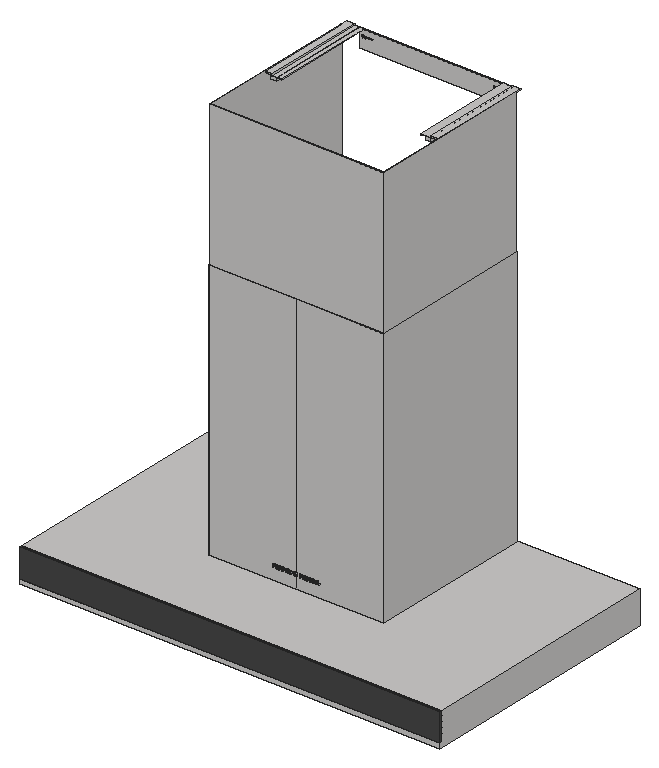
Revit family "FP_Revit_18_HC90BHOBX1_Rangehood_90001853A", category Specialty Equipment, Revit 2018
Family settings
  Round Connector Dimension = Use Diameter
  Part Type = Normal
  OmniClass Number = 23.40.40.00
  OmniClass Title = Food Service Equipment and Furnishings
  Work Plane-Based = No
  Always vertical = Yes
  Cut with Voids When Loaded = Yes
  Shared = No
  Room Calculation Point = No
Parameters
  Visibility - Upper Chimney Extension [instance] = yes
  URL = "www.fisherpaykel.com"
  Product - Width = 895 mm  # constant formula
  Product - Height (625mm - 930mm) [instance] = 930 mm
  Product - Depth = 545 mm  # constant formula
  Model = "HC90BHOBX1"
  Material - Glass = Fisher & Paykel - Black
  Material - Body = Fisher & Paykel - Stainless Steel
  Manufacturer = "Fisher & Paykel Appliances"
  FFL Offset [instance] = 1565 mm
  Description = "90cm Rangehood"
  Connector Description - Extraction = "180mm Semi Rigid Rangehood Ducting, 1080m³/hr"
  Connector Description - Electrical = "220 V, 50 Hz, 158 W"
  Chassis - Width = 374 mm  # constant formula
  Chassis - Height = 615 mm  # constant formula
  Chassis - Depth = 368 mm  # constant formula
Reference planes
  plane 1 "Datum": y = 0
  plane 2: z = 0
  plane 3 "Center (Left/Right)": x = 0
  plane 4 "Product LHS": x = -447.5
  plane 5 "Product RHS": x = 447.5
  plane 6 "Product - Depth": y = -545
  plane 7 "Cavity LHS": x = -187
  plane 8 "Cavity RHS": x = 187
  plane 9 "Chassis - Depth": y = -368
  plane 10 "FFL Offset": z = 1565
  plane 11 "Product - Height": z = 2495
Forms (mm)
  Extrusion 1, solid, material "Fisher & Paykel - Stainless Steel" <- "Material - Body"
    sketch origin (0, 0, 0) x (1, 0, 0) y (0, 1, 0)
      loop
        line (-168, -12.744) -> (-187, -12.744) -> (-187, -368) -> (0, -368) -> (187, -368) -> (187, -12.744) -> (168, -12.744) -> (168, -14.346) -> (186, -14.346) -> (186, -367) -> (-186, -367) -> (-186, -14.346) -> (-168, -14.346) -> (-168, -12.744)
    from 1635 to 2188.766
  Extrusion 2, solid, material "Fisher & Paykel - Stainless Steel" <- "Material - Body", visible <- "Visibility - Upper Chimney Extension"
    sketch origin (0, 0, 0) x (1, 0, 0) y (0, 1, 0)
      loop
        line (-185, -14.346) -> (-186, -14.346) -> (-186, -366) -> (186, -366) -> (186, -14.344) -> (185, -14.344) -> (185, -365.044) -> (-185, -365.044) -> (-185, -14.346)
    from 2170 to 2495
  Extrusion 3, solid, material "Fisher & Paykel - Stainless Steel" <- "Material - Body"
    sketch origin (0, 0, 0) x (1, 0, 0) y (0, 1, 0)
      loop
        line (186, -14.346) -> (-186, -14.346) -> (-186, -367) -> (186, -367) -> (186, -14.346)
    from 1635 to 2180
  Extrusion 4, solid, material "Fisher & Paykel - Stainless Steel" <- "Material - Body"
    sketch origin (0, 0, 0) x (1, 0, 0) y (0, 1, 0)
      loop
        circle (-76.343, -164.081) r 89.5
      loop
        circle (-76.343, -164.081) r 91.5
    from 2180 to 2203.263
  Extrusion 5, solid, material "Fisher & Paykel - Stainless Steel" <- "Material - Body"
    sketch origin (0, 0, 0) x (1, 0, 0) y (0, 0, 1)
      loop
        line (-157.8, 2491.4) -> (-157.8, 2451.7) -> (157.8, 2451.7) -> (157.8, 2491.4) -> (-157.8, 2491.4)
      loop
        line (150.15, 2480.2) -> (130.25, 2480.2)
        arc (130.25, 2480.2) -> (127.8, 2477.75) -> (130.25, 2475.3) r 2.45
        line (130.25, 2475.3) -> (150.15, 2475.3)
        arc (150.15, 2475.3) -> (152.6, 2477.75) -> (150.15, 2480.2) r 2.45
      loop
        arc (-150.15, 2480.2) -> (-152.6, 2477.75) -> (-150.15, 2475.3) r 2.45
        line (-150.15, 2475.3) -> (-130.25, 2475.3)
        arc (-130.25, 2475.3) -> (-127.8, 2477.75) -> (-130.25, 2480.2) r 2.45
        line (-130.25, 2480.2) -> (-150.15, 2480.2)
    from 0 to 1.044
  Extrusion 6, solid, material "Fisher & Paykel - Stainless Steel" <- "Material - Body"
    sketch origin (0, 0, 0) x (1, 0, 0) y (0, 0, 1)
      loop
        line (173.65, 2170.509) -> (-173.65, 2170.509) -> (-173.65, 2129.509) -> (173.65, 2129.509) -> (173.65, 2170.509)
      loop
        circle (162, 2150) r 2.5
      loop
        circle (112, 2150) r 2.5
      loop
        circle (-162, 2150) r 2.5
      loop
        circle (-112, 2150) r 2.5
    from 0 to 12.744
  Extrusion 7, solid, material "Fisher & Paykel - Stainless Steel" <- "Material - Body"
    sketch origin (0, 0, 0) x (1, 0, 0) y (0, 1, 0)
      loop
        circle (19.765, -344.708) r 3
    from 2180 to 2203.263
  Extrusion 8, void
    sketch origin (0, 0, 0) x (0, 1, 0) y (0, 0, 1)
      loop
        line (-496.3, 1565) -> (-32.1, 1565) -> (-34.808, 1584.265)
        arc (-34.808, 1584.265) -> (-35.771, 1586.077) -> (-37.673, 1586.846) r 3
        line (-37.673, 1586.846) -> (-472.926, 1602.15)
        arc (-472.926, 1602.15) -> (-477.943, 1600.83) -> (-481.397, 1596.959) r 9
        line (-481.397, 1596.959) -> (-496.3, 1565)
    from -378 to 378
  Extrusion 9, solid, material "Fisher & Paykel - Stainless Steel" <- "Material - Body", detail levels fine
    sketch origin (0, 0, 0) x (1, 0, 0) y (0, 0, 1)
      loop
        circle (400, 1605) r 9.985
      loop
        circle (400, 1605) r 4.003
      loop
        circle (-400, 1605) r 9.985
      loop
        circle (-400, 1605) r 4.003
    from 0 to 11.144
  Extrusion 10, solid, material "Fisher & Paykel - Stainless Steel" <- "Material - Body"
    sketch origin (0, 0, 0) x (0, 1, 0) y (0, 0, 1)
      loop
        line (-11.144, 1565) -> (-11.144, 1635) -> (-540, 1635) -> (-540, 1575) -> (-545, 1575) -> (-545, 1565) -> (-11.144, 1565)
    from -447.5 to 447.5
  Extrusion 11, solid, material "Fisher & Paykel - Black" <- "Material - Glass", detail levels medium+fine
    sketch origin (0, 0, 0) x (0, 1, 0) y (0, 0, 1)
      loop
        line (-540, 1635) -> (-545, 1635) -> (-545, 1575) -> (-540, 1575) -> (-540, 1635)
    from -447.5 to 447.5
  Extrusion 12, void
    sketch origin (0, 0, 0) x (1, 0, 0) y (0, 1, 0)
      loop
        arc (-426.25, -31.144) -> (-430.493, -32.901) -> (-432.25, -37.144) r 6
        line (-432.25, -37.144) -> (-432.25, -224.554)
        arc (-432.25, -224.554) -> (-430.493, -228.797) -> (-426.25, -230.554) r 6
        line (-426.25, -230.554) -> (-398.75, -230.554)
        arc (-398.75, -230.554) -> (-394.507, -228.797) -> (-392.75, -224.554) r 6
        line (-392.75, -224.554) -> (-392.75, -37.144)
        arc (-392.75, -37.144) -> (-394.507, -32.901) -> (-398.75, -31.144) r 6
        line (-398.75, -31.144) -> (-426.25, -31.144)
      loop
        arc (-426.25, -299.843) -> (-430.493, -301.6) -> (-432.25, -305.843) r 6
        line (-432.25, -305.843) -> (-432.25, -493.2)
        arc (-432.25, -493.2) -> (-430.493, -497.443) -> (-426.25, -499.2) r 6
        line (-426.25, -499.2) -> (-398.75, -499.2)
        arc (-398.75, -499.2) -> (-394.507, -497.443) -> (-392.75, -493.2) r 6
        line (-392.75, -493.2) -> (-392.75, -305.843)
        arc (-392.75, -305.843) -> (-394.507, -301.6) -> (-398.75, -299.843) r 6
        line (-398.75, -299.843) -> (-426.25, -299.843)
      loop
        line (426.25, -31.144) -> (398.75, -31.144)
        arc (398.75, -31.144) -> (394.507, -32.901) -> (392.75, -37.144) r 6
        line (392.75, -37.144) -> (392.75, -224.554)
        arc (392.75, -224.554) -> (394.507, -228.797) -> (398.75, -230.554) r 6
        line (398.75, -230.554) -> (426.25, -230.554)
        arc (426.25, -230.554) -> (430.493, -228.797) -> (432.25, -224.554) r 6
        line (432.25, -224.554) -> (432.25, -37.144)
        arc (432.25, -37.144) -> (430.493, -32.901) -> (426.25, -31.144) r 6
      loop
        line (426.25, -299.843) -> (398.75, -299.843)
        arc (398.75, -299.843) -> (394.507, -301.6) -> (392.75, -305.843) r 6
        line (392.75, -305.843) -> (392.75, -493.2)
        arc (392.75, -493.2) -> (394.507, -497.443) -> (398.75, -499.2) r 6
        line (398.75, -499.2) -> (426.25, -499.2)
        arc (426.25, -499.2) -> (430.493, -497.443) -> (432.25, -493.2) r 6
        line (432.25, -493.2) -> (432.25, -305.843)
        arc (432.25, -305.843) -> (430.493, -301.6) -> (426.25, -299.843) r 6
    from 1565 to 1581
  Extrusion 13, solid, material "Fisher & Paykel - Bezel White", detail levels fine
    sketch origin (0, 0, 0) x (1, 0, 0) y (0, 1, 0)
      loop
        arc (-426.25, -31.697) -> (-430.493, -33.454) -> (-432.25, -37.697) r 6
        line (-432.25, -37.697) -> (-432.25, -224.554)
        arc (-432.25, -224.554) -> (-430.493, -228.797) -> (-426.25, -230.554) r 6
        line (-426.25, -230.554) -> (-398.75, -230.554)
        arc (-398.75, -230.554) -> (-394.507, -228.797) -> (-392.75, -224.554) r 6
        line (-392.75, -224.554) -> (-392.75, -37.697)
        arc (-392.75, -37.697) -> (-394.507, -33.454) -> (-398.75, -31.697) r 6
        line (-398.75, -31.697) -> (-426.25, -31.697)
      loop
        arc (-426.25, -299.843) -> (-430.493, -301.6) -> (-432.25, -305.843) r 6
        line (-432.25, -305.843) -> (-432.25, -493.2)
        arc (-432.25, -493.2) -> (-430.493, -497.443) -> (-426.25, -499.2) r 6
        line (-426.25, -499.2) -> (-398.75, -499.2)
        arc (-398.75, -499.2) -> (-394.507, -497.443) -> (-392.75, -493.2) r 6
        line (-392.75, -493.2) -> (-392.75, -305.843)
        arc (-392.75, -305.843) -> (-394.507, -301.6) -> (-398.75, -299.843) r 6
        line (-398.75, -299.843) -> (-426.25, -299.843)
      loop
        line (426.25, -31.697) -> (398.75, -31.697)
        arc (398.75, -31.697) -> (394.507, -33.454) -> (392.75, -37.697) r 6
        line (392.75, -37.697) -> (392.75, -224.554)
        arc (392.75, -224.554) -> (394.507, -228.797) -> (398.75, -230.554) r 6
        line (398.75, -230.554) -> (426.25, -230.554)
        arc (426.25, -230.554) -> (430.493, -228.797) -> (432.25, -224.554) r 6
        line (432.25, -224.554) -> (432.25, -37.697)
        arc (432.25, -37.697) -> (430.493, -33.454) -> (426.25, -31.697) r 6
      loop
        line (426.25, -299.843) -> (398.75, -299.843)
        arc (398.75, -299.843) -> (394.507, -301.6) -> (392.75, -305.843) r 6
        line (392.75, -305.843) -> (392.75, -493.2)
        arc (392.75, -493.2) -> (394.507, -497.443) -> (398.75, -499.2) r 6
        line (398.75, -499.2) -> (426.25, -499.2)
        arc (426.25, -499.2) -> (430.493, -497.443) -> (432.25, -493.2) r 6
        line (432.25, -493.2) -> (432.25, -305.843)
        arc (432.25, -305.843) -> (430.493, -301.6) -> (426.25, -299.843) r 6
    from 1565 to 1581
  Extrusion 14, void
    sketch origin (0, 0, 0) x (0, 1, 0) y (0, 0, 1)
      loop
        arc (-202.686, 1675.769) -> (-212.45, 1678.103) -> (-222.214, 1675.769) r 21.592
        line (-222.214, 1675.769) -> (-356.998, 1607.435) -> (-356.998, 1598.042) -> (-72.102, 1587.947) -> (-72.102, 1607.435) -> (-202.686, 1675.769)
    from -175.959 to 177.082
  Extrusion 15, void
    sketch origin (0, 0, 0) x (1, 0, 0) y (0, 1, 0)
      loop
        arc (-192.559, -55.7) -> (-198.923, -58.336) -> (-201.559, -64.7) r 9
        line (-201.559, -64.7) -> (-201.559, -360.618)
        arc (-201.559, -360.618) -> (-198.923, -366.982) -> (-192.559, -369.618) r 9
        line (-192.559, -369.618) -> (192.559, -369.618)
        arc (192.559, -369.618) -> (198.923, -366.982) -> (201.559, -360.618) r 9
        line (201.559, -360.618) -> (201.559, -64.7)
        arc (201.559, -64.7) -> (198.923, -58.336) -> (192.559, -55.7) r 9
        line (192.559, -55.7) -> (-192.559, -55.7)
    from 1565 to 1605
  Extrusion 16, solid, material "Fisher & Paykel - Stainless Steel" <- "Material - Body", detail levels fine
    sketch origin (0, 0, 0) x (1, 0, 0) y (0, 1, 0)
      loop
        arc (-188.393, -57.967) -> (-196.083, -61.152) -> (-199.269, -68.843) r 10.876
        line (-199.269, -68.843) -> (-199.269, -356.511)
        arc (-199.269, -356.511) -> (-196.08, -364.211) -> (-188.38, -367.4) r 10.889
        line (-188.38, -367.4) -> (188.393, -367.4)
        arc (188.393, -367.4) -> (196.084, -364.215) -> (199.269, -356.524) r 10.876
        line (199.269, -356.524) -> (199.269, -68.867)
        arc (199.269, -68.867) -> (196.076, -61.159) -> (188.369, -57.967) r 10.9
        line (188.369, -57.967) -> (-188.393, -57.967)
      loop
        arc (-166.975, -78.469) -> (-173.791, -81.292) -> (-176.615, -88.109) r 9.64
        line (-176.615, -88.109) -> (-176.615, -337.082)
        arc (-176.615, -337.082) -> (-173.784, -343.916) -> (-166.951, -346.746) r 9.664
        line (-166.951, -346.746) -> (166.096, -346.746)
        arc (166.096, -346.746) -> (173.534, -343.665) -> (176.615, -336.227) r 10.519
        line (176.615, -336.227) -> (176.615, -88.988)
        arc (176.615, -88.988) -> (173.534, -81.55) -> (166.096, -78.469) r 10.519
        line (166.096, -78.469) -> (-166.975, -78.469)
    from 1565 to 1605
  Extrusion 17, solid, material "Fisher & Paykel - Stainless Steel" <- "Material - Body", detail levels fine
    sketch origin (0, 0, 0) x (0, 1, 0) y (0, 0, 1)
      loop
        line (-80.808, 1587.875) -> (-77.757, 1553) -> (-40.075, 1553) -> (-37.158, 1586.351) -> (-80.808, 1587.875)
    from -60 to 60.042
  Extrusion 18, solid, material "Fisher & Paykel - Stainless Steel" <- "Material - Body", detail levels fine
    sketch origin (0, 0, 0) x (1, 0, 0) y (0, 0, 1)
      loop
        line (-148.8, 2491.4) -> (-148.8, 2492.433) -> (-168.9, 2492.433) -> (-168.9, 2495) -> (-185.3, 2495) -> (-185.3, 2493) -> (-170.8, 2493) -> (-170.8, 2485.4) -> (-158.8, 2485.4) -> (-158.8, 2491.4) -> (-148.8, 2491.4)
      loop
        line (148.8, 2491.4) -> (158.8, 2491.4) -> (158.8, 2485.4) -> (170.8, 2485.4) -> (170.8, 2493) -> (185.3, 2493) -> (185.3, 2495) -> (168.9, 2495) -> (168.9, 2492.433) -> (148.8, 2492.433) -> (148.8, 2491.4)
    from 0 to 221
Cuts and joins
  Extrusion 8 cuts Extrusion 1
  Extrusion 8, Extrusion 14 cuts Extrusion 3
  Extrusion 8, Extrusion 12, Extrusion 14, Extrusion 15 cuts Extrusion 10
  joined: Extrusion 3, Extrusion 10
  Extrusion 8 cuts Extrusion 16
Text (mm)
  text "Due to ongoing product development, product details are subject to change without notice. \nPlease always refer to www.fisherpaykel.com for the most current product information. \n© Fisher & Paykel 2020" at (41.04, -1225.549, 0), in view "Ref. Level (Plan)"
Dimensions and locks
  equal spacing: plane 4 "Product LHS", plane 3 "Center (Left/Right)", plane 5 "Product RHS"
  equal spacing: plane 7 "Cavity LHS", plane 3 "Center (Left/Right)", plane 8 "Cavity RHS"
  locked: Extrusion 1 sketch curve to Extrusion 1 sketch curve at 1  (x3)
  locked: Extrusion 4 to plane 10 "FFL Offset" at 638.263
  "Chassis - Height": Extrusion 3 to plane 10 "FFL Offset"
  locked: plane 10 "FFL Offset" to Extrusion 6 at 564.509
  locked: plane 10 "FFL Offset" to Extrusion 6 at 605.509
  locked: Extrusion 12 to plane 10 "FFL Offset" at 16
  Extrusion 15 to plane 10 "FFL Offset" = 40 mm
  locked: Extrusion 2 to plane 11 "Product - Height" at 325
  locked: Extrusion 5 to plane 11 "Product - Height" at 43.3
  locked: Extrusion 5 to plane 11 "Product - Height" at 3.6
  locked: Extrusion 18 to plane 11 "Product - Height" at 9.6
  locked: Extrusion 18 to plane 11 "Product - Height" at 2
  equal spacing: cut or joined group of Extrusion 8, Extrusion 16, plane 3 "Center (Left/Right)", cut or joined group of Extrusion 8, Extrusion 16
  equal spacing: Extrusion 16 sketch curve, plane 3 "Center (Left/Right)", Extrusion 16 sketch curve
  "Product - Height (625mm - 930mm)": plane 11 "Product - Height" to plane 10 "FFL Offset"
  "FFL Offset": plane 10 "FFL Offset" to level
  locked: plane 10 "FFL Offset" to Extrusion 17 at 12
  locked: nested 1 to plane 10 "FFL Offset" at 95.155
  locked: cut or joined group of Extrusion 1, Extrusion 8 to plane 10 "FFL Offset" at 623.766
  "Product - Width": plane 4 "Product LHS" to plane 5 "Product RHS"
  "Chassis - Depth": plane 9 "Chassis - Depth" to plane 1 "Datum"
  "Chassis - Width": plane 7 "Cavity LHS" to plane 8 "Cavity RHS"
  "Product - Depth": plane 6 "Product - Depth" to plane 1 "Datum"
  locked: cut or joined group of Extrusion 3, Extrusion 8, Extrusion 10, Extrusion 12, Extrusion 14, Extrusion 15 to plane 10 "FFL Offset" at 70
  locked: cut or joined group of Extrusion 8, Extrusion 16 to plane 10 "FFL Offset" at 40
  aligned and locked: level to plane 2
  aligned and locked: Extrusion 1 sketch curve to plane 7 "Cavity LHS"
  aligned and locked: plane 8 "Cavity RHS" to Extrusion 1 sketch curve
  aligned and locked: plane 9 "Chassis - Depth" to Extrusion 1 sketch curve
  aligned and locked: Extrusion 1 to Extrusion 3
  aligned and locked: Extrusion 4 to Extrusion 3
  aligned and locked: Extrusion 9 to plane 1 "Datum"
  aligned and locked: plane 4 "Product LHS" to Extrusion 10
  aligned and locked: Extrusion 10 to plane 5 "Product RHS"
  aligned and locked: plane 4 "Product LHS" to Extrusion 11
  aligned and locked: Extrusion 11 to plane 5 "Product RHS"
  aligned and locked: Extrusion 12 to plane 10 "FFL Offset"
  aligned and locked: Extrusion 13 to plane 10 "FFL Offset"
  aligned and locked: Extrusion 15 to plane 10 "FFL Offset"
  aligned and locked: Extrusion 4 to cut or joined group of Extrusion 3, Extrusion 8, Extrusion 10, Extrusion 12, Extrusion 14, Extrusion 15
  aligned and locked: Extrusion 7 to cut or joined group of Extrusion 3, Extrusion 8, Extrusion 10, Extrusion 12, Extrusion 14, Extrusion 15
  aligned and locked: Extrusion 2 to plane 11 "Product - Height"
  aligned and locked: Extrusion 7 to Extrusion 4
  aligned and locked: Extrusion 18 to Extrusion 5
  aligned and locked: Extrusion 2 to Extrusion 18
  aligned and locked: Extrusion 5 to Extrusion 18
  aligned and locked: Extrusion 6 to plane 1 "Datum"
  aligned and locked: Extrusion 5 to plane 1 "Datum"
  aligned and locked: Extrusion 11 to plane 6 "Product - Depth"
  aligned and locked: Extrusion 9 to cut or joined group of Extrusion 3, Extrusion 8, Extrusion 10, Extrusion 12, Extrusion 14, Extrusion 15
  aligned and locked: cut or joined group of Extrusion 3, Extrusion 8, Extrusion 10, Extrusion 12, Extrusion 14, Extrusion 15 to plane 10 "FFL Offset"
  aligned and locked: plane 10 "FFL Offset" to Extrusion 13
  aligned and locked: cut or joined group of Extrusion 3, Extrusion 8, Extrusion 10, Extrusion 12, Extrusion 14, Extrusion 15 to Extrusion 11
  aligned and locked: Extrusion 11 to cut or joined group of Extrusion 3, Extrusion 8, Extrusion 10, Extrusion 12, Extrusion 14, Extrusion 15
  aligned and locked: Extrusion 13 to cut or joined group of Extrusion 3, Extrusion 8, Extrusion 10, Extrusion 12, Extrusion 14, Extrusion 15
  aligned and locked: cut or joined group of Extrusion 1, Extrusion 8 to cut or joined group of Extrusion 3, Extrusion 8, Extrusion 10, Extrusion 12, Extrusion 14, Extrusion 15
  aligned and locked: Extrusion 16 to plane 10 "FFL Offset"
  aligned and locked: cut or joined group of Extrusion 3, Extrusion 8, Extrusion 10, Extrusion 12, Extrusion 14, Extrusion 15 to cut or joined group of Extrusion 8, Extrusion 16
  aligned and locked: Extrusion 8 to Extrusion 15
Automatic sketch dimensions
  Extrusion 3 sketch curve to plane 7 "Cavity LHS" = 1 mm
  plane 8 "Cavity RHS" to Extrusion 3 sketch curve = 1 mm
  plane 9 "Chassis - Depth" to Extrusion 3 sketch curve = 1 mm
  plane 1 "Datum" to Extrusion 3 sketch curve = 14.346 mm
  Extrusion 4 sketch curve to Extrusion 4 sketch curve = 0 mm  (x2)
  Extrusion 4 sketch curve to plane 3 "Center (Left/Right)" = 76.343 mm
  plane 1 "Datum" to Extrusion 4 sketch curve = 164.081 mm
  plane 9 "Chassis - Depth" to Extrusion 15 sketch curve = 7.382 mm  (x2)
  plane 7 "Cavity LHS" to Extrusion 15 sketch curve = 14.559 mm
  Extrusion 15 sketch curve to plane 9 "Chassis - Depth" = 1.618 mm
  plane 7 "Cavity LHS" to Extrusion 15 sketch curve = 5.559 mm
  Extrusion 15 sketch curve to plane 8 "Cavity RHS" = 5.559 mm  (x2)
  plane 1 "Datum" to Extrusion 15 sketch curve = 64.7 mm
  plane 8 "Cavity RHS" to Extrusion 7 sketch curve = 167.235 mm
  plane 1 "Datum" to Extrusion 7 sketch curve = 344.708 mm
  Extrusion 5 sketch curve to plane 7 "Cavity LHS" = 29.2 mm
  Extrusion 5 sketch curve to Extrusion 5 sketch curve = 7.65 mm  (x2)
  Extrusion 5 sketch curve to Extrusion 5 sketch curve = 19.9 mm  (x2)
  plane 11 "Product - Height" to Extrusion 5 sketch curve = 14.8 mm  (x2)
  plane 8 "Cavity RHS" to Extrusion 5 sketch curve = 56.75 mm
  Extrusion 5 sketch curve to Extrusion 5 sketch curve = 2.45 mm  (x2)
  Extrusion 5 sketch curve to Extrusion 5 sketch curve = 23.6 mm
  plane 11 "Product - Height" to Extrusion 5 sketch curve = 3.6 mm
  Extrusion 18 sketch curve to plane 11 "Product - Height" = 0 mm  (x2)
  Extrusion 18 sketch curve to plane 7 "Cavity LHS" = 1.7 mm
  Extrusion 18 sketch curve to plane 7 "Cavity LHS" = 16.2 mm
  Extrusion 18 sketch curve to Extrusion 18 sketch curve = 1.9 mm  (x2)
  Extrusion 18 sketch curve to Extrusion 18 sketch curve = 12 mm
  plane 11 "Product - Height" to Extrusion 18 sketch curve = 2.567 mm  (x2)
  Extrusion 18 sketch curve to Extrusion 18 sketch curve = 10 mm  (x2)
  plane 11 "Product - Height" to Extrusion 18 sketch curve = 3.6 mm
  plane 8 "Cavity RHS" to Extrusion 18 sketch curve = 38.2 mm
  Extrusion 18 sketch curve to Extrusion 18 sketch curve = 10.1 mm
  plane 8 "Cavity RHS" to Extrusion 18 sketch curve = 1.7 mm
  plane 11 "Product - Height" to Extrusion 18 sketch curve = 9.6 mm
  Extrusion 18 sketch curve to Extrusion 18 sketch curve = 6 mm
  Extrusion 18 sketch curve to Extrusion 18 sketch curve = 1.033 mm
  plane 11 "Product - Height" to Extrusion 18 sketch curve = 2 mm  (x2)
  Extrusion 2 sketch curve to plane 7 "Cavity LHS" = 1 mm
  Extrusion 2 sketch curve to Extrusion 2 sketch curve = 1 mm
  plane 8 "Cavity RHS" to Extrusion 2 sketch curve = 2 mm
  plane 8 "Cavity RHS" to Extrusion 2 sketch curve = 1 mm
  plane 9 "Chassis - Depth" to Extrusion 2 sketch curve = 2 mm
  Extrusion 2 sketch curve to Extrusion 2 sketch curve = 0.956 mm
  plane 1 "Datum" to Extrusion 2 sketch curve = 14.346 mm
  plane 1 "Datum" to Extrusion 2 sketch curve = 14.344 mm
  plane 7 "Cavity LHS" to Extrusion 16 sketch curve = 12.269 mm
  plane 7 "Cavity LHS" to Extrusion 16 sketch curve = 1.393 mm
  plane 7 "Cavity LHS" to Extrusion 16 sketch curve = 1.38 mm
  Extrusion 16 sketch curve to plane 7 "Cavity LHS" = 10.385 mm
  Extrusion 16 sketch curve to Extrusion 16 sketch curve = 9.64 mm
  Extrusion 16 sketch curve to Extrusion 16 sketch curve = 9.664 mm
  Extrusion 16 sketch curve to Extrusion 16 sketch curve = 10.519 mm  (x2)
  Extrusion 16 sketch curve to plane 8 "Cavity RHS" = 1.369 mm
  Extrusion 16 sketch curve to plane 8 "Cavity RHS" = 1.393 mm
  Extrusion 16 sketch curve to Extrusion 16 sketch curve = 10.876 mm
  plane 9 "Chassis - Depth" to Extrusion 16 sketch curve = 0.6 mm
  plane 9 "Chassis - Depth" to Extrusion 16 sketch curve = 21.254 mm
  plane 1 "Datum" to Extrusion 16 sketch curve = 88.988 mm
  Extrusion 16 sketch curve to Extrusion 16 sketch curve = 20.121 mm
  Extrusion 13 sketch curve to plane 4 "Product LHS" = 15.25 mm  (x2)
  Extrusion 13 sketch curve to Extrusion 13 sketch curve = 6 mm  (x12)
  Extrusion 13 sketch curve to Extrusion 13 sketch curve = 27.5 mm  (x4)
  plane 6 "Product - Depth" to Extrusion 13 sketch curve = 51.8 mm
  plane 5 "Product RHS" to Extrusion 13 sketch curve = 54.75 mm  (x2)
  plane 5 "Product RHS" to Extrusion 13 sketch curve = 21.25 mm  (x4)
  plane 6 "Product - Depth" to Extrusion 13 sketch curve = 45.8 mm
  plane 9 "Chassis - Depth" to Extrusion 13 sketch curve = 62.157 mm  (x2)
  Extrusion 13 sketch curve to Extrusion 13 sketch curve = 69.289 mm  (x2)
  plane 1 "Datum" to Extrusion 13 sketch curve = 37.697 mm  (x2)
  Extrusion 12 sketch curve to plane 4 "Product LHS" = 15.25 mm  (x2)
  Extrusion 12 sketch curve to Extrusion 12 sketch curve = 6 mm  (x12)
  Extrusion 12 sketch curve to Extrusion 12 sketch curve = 27.5 mm  (x4)
  plane 5 "Product RHS" to Extrusion 12 sketch curve = 54.75 mm  (x2)
  plane 5 "Product RHS" to Extrusion 12 sketch curve = 21.25 mm  (x4)
  plane 6 "Product - Depth" to Extrusion 12 sketch curve = 45.8 mm  (x2)
  plane 9 "Chassis - Depth" to Extrusion 12 sketch curve = 62.157 mm  (x2)
  Extrusion 12 sketch curve to Extrusion 12 sketch curve = 69.289 mm  (x2)
  plane 1 "Datum" to Extrusion 12 sketch curve = 37.144 mm  (x2)
  Extrusion 6 sketch curve to plane 7 "Cavity LHS" = 13.35 mm
  Extrusion 6 sketch curve to Extrusion 6 sketch curve = 11.65 mm  (x2)
  plane 8 "Cavity RHS" to Extrusion 6 sketch curve = 75 mm
  plane 8 "Cavity RHS" to Extrusion 6 sketch curve = 13.35 mm
  plane 11 "Product - Height" to Extrusion 6 sketch curve = 365.491 mm
  Extrusion 6 sketch curve to Extrusion 6 sketch curve = 20.509 mm
  Extrusion 8 sketch curve to plane 10 "FFL Offset" = 0 mm
  plane 6 "Product - Depth" to Extrusion 8 sketch curve = 48.7 mm
  Extrusion 8 sketch curve to Extrusion 8 sketch curve = 14.903 mm
  Extrusion 8 sketch curve to Extrusion 8 sketch curve = 8.157 mm
  plane 10 "FFL Offset" to Extrusion 8 sketch curve = 18.848 mm
  plane 1 "Datum" to Extrusion 8 sketch curve = 37.778 mm
  Extrusion 8 sketch curve to Extrusion 8 sketch curve = 0.105 mm
  Extrusion 8 sketch curve to Extrusion 8 sketch curve = 2.971 mm
  Extrusion 8 sketch curve to Extrusion 8 sketch curve = 2.708 mm
  Extrusion 8 sketch curve to Extrusion 8 sketch curve = 0.418 mm
  plane 10 "FFL Offset" to Extrusion 8 sketch curve = 28.156 mm
  Extrusion 8 sketch curve to Extrusion 8 sketch curve = 3.804 mm
  Extrusion 8 sketch curve to Extrusion 8 sketch curve = 0.314 mm
  Extrusion 8 sketch curve to Extrusion 8 sketch curve = 0.001 mm
  Extrusion 8 sketch curve to Extrusion 8 sketch curve = 0.035 mm
  Extrusion 9 sketch curve to Extrusion 9 sketch curve = 0 mm  (x4)
  Extrusion 9 sketch curve to plane 4 "Product LHS" = 47.5 mm
  plane 5 "Product RHS" to Extrusion 9 sketch curve = 47.5 mm
  plane 10 "FFL Offset" to Extrusion 9 sketch curve = 40 mm  (x2)
  Extrusion 10 sketch curve to plane 6 "Product - Depth" = 0 mm
  Extrusion 10 sketch curve to plane 10 "FFL Offset" = 0 mm
  plane 6 "Product - Depth" to Extrusion 10 sketch curve = 5 mm
  plane 1 "Datum" to Extrusion 10 sketch curve = 11.144 mm
  plane 10 "FFL Offset" to Extrusion 10 sketch curve = 10 mm
  Extrusion 10 sketch curve to Extrusion 10 sketch curve = 70 mm
  Extrusion 11 sketch curve to plane 6 "Product - Depth" = 0 mm
  plane 6 "Product - Depth" to Extrusion 11 sketch curve = 5 mm
  plane 10 "FFL Offset" to Extrusion 11 sketch curve = 10 mm
  Extrusion 11 sketch curve to Extrusion 11 sketch curve = 60 mm
  plane 9 "Chassis - Depth" to Extrusion 14 sketch curve = 11.002 mm
  plane 9 "Chassis - Depth" to Extrusion 14 sketch curve = 145.786 mm
  Extrusion 14 sketch curve to Extrusion 14 sketch curve = 9.764 mm
  Extrusion 14 sketch curve to Extrusion 14 sketch curve = 19.528 mm
  plane 10 "FFL Offset" to Extrusion 14 sketch curve = 22.947 mm
  plane 1 "Datum" to Extrusion 14 sketch curve = 72.102 mm
  plane 10 "FFL Offset" to Extrusion 14 sketch curve = 33.042 mm
  Extrusion 14 sketch curve to Extrusion 14 sketch curve = 9.392 mm
  Extrusion 14 sketch curve to Extrusion 14 sketch curve = 19.488 mm
  plane 10 "FFL Offset" to Extrusion 14 sketch curve = 91.511 mm
  Extrusion 14 sketch curve to Extrusion 14 sketch curve = 19.259 mm
  plane 10 "FFL Offset" to Extrusion 17 sketch curve = 22.875 mm
  plane 1 "Datum" to Extrusion 17 sketch curve = 80.808 mm
  Extrusion 17 sketch curve to plane 10 "FFL Offset" = 12 mm
  Extrusion 17 sketch curve to Extrusion 17 sketch curve = 3.051 mm
  Extrusion 17 sketch curve to Extrusion 17 sketch curve = 37.681 mm
  Extrusion 17 sketch curve to Extrusion 17 sketch curve = 2.918 mm
  plane 10 "FFL Offset" to Extrusion 17 sketch curve = 21.351 mm
  Extrusion 6 sketch curve to Extrusion 6 sketch curve = 20.491 mm  (x3)
  Extrusion 6 sketch curve to Extrusion 6 sketch curve = 0 mm
  Extrusion 6 sketch curve to Extrusion 6 sketch curve = 50 mm
  Extrusion 1 sketch curve to plane 3 "Center (Left/Right)" = 0 mm
  Extrusion 1 sketch curve to Extrusion 1 sketch curve = 18 mm  (x2)
  plane 1 "Datum" to Extrusion 1 sketch curve = 14.346 mm  (x2)
  Extrusion 1 sketch curve to Extrusion 1 sketch curve = 1.602 mm  (x2)
  radius of Extrusion 4 sketch curve = 89.5 mm
  radius of Extrusion 4 sketch curve = 91.5 mm
  radius of Extrusion 7 sketch curve = 3 mm
  radius of Extrusion 6 sketch curve = 2.5 mm  (x4)
  radius of Extrusion 9 sketch curve = 9.985 mm  (x2)
  radius of Extrusion 9 sketch curve = 4.003 mm  (x2)
Nested families
  nested 1: "F&P Logo 100mm" at (0.236, -368.3, 1660.263), type "Grey"
Connectors
  hvac at (-76.343, -164.081, 2203.263), driven by "Connector Description - Extraction"
    settings: on Extrusion 4, index 1, duct flow 0.0 L/s, flow factor 0, pres drop 0.0 Pa, loss coef 0, conn angle 0.00°, conn width 304.8 mm, conn height 304.8 mm, conn diameter 180 mm, duct sys type 3, conn prof type 0, flow config 0, flow direction 2, loss method 0, conn ref index -1, conn util no, is conn primary yes, conn desc "180mm Semi Rigid Rangehood Ducting, 1080m³/hr"
  electrical at (19.765, -344.708, 2203.263), driven by "Connector Description - Electrical"
    settings: on Extrusion 7, index 2, voltage 220 V, apparent load 0 VA, apparent load phase1 0 VA, apparent load phase2 0 VA, apparent load phase3 0 VA, power factor 1, load classification "Other", number of poles 1, system type 30, power factor state 1, is connector primary yes, connector utility no, sub classification motor no, connector description "220 V, 50 Hz, 158 W"
Definition of nested family "F&P Logo 100mm"
  Parameters (values of type "Chrome")
    URL = "www.fisherpaykel.com"
    Material - Logo = none
    Manufacturer = "Fisher & Paykel Appliances"
  Types (3): name
    (no name)
    Chrome
    Grey
  Reference planes
    plane 1 "Center (Front/Back)": y = 0
    plane 2: z = 0
    plane 3 "Center (Left/Right)": x = 0
  Forms (mm)
    Extrusion 1, solid, material <- "Material - Logo", detail levels fine
      sketch origin (0, 0, 0) x (1, 0, 0) y (0, 0, 1)
        loop
          line (-50.044, 0) -> (-48.47, 0) -> (-48.47, 2.138) -> (-46.011, 2.138) -> (-46.011, 3.472) -> (-48.47, 3.472) -> (-48.47, 4.712) -> (-45.795, 4.712) -> (-45.795, 6.04) -> (-50.044, 6.04) -> (-50.044, 0)
        loop
          line (-42.804, 6.04) -> (-42.804, 0) -> (-41.23, 0) -> (-41.23, 6.04) -> (-42.804, 6.04)
        loop
          line (-30.724, 6.04) -> (-30.724, 0) -> (-29.151, 0) -> (-29.151, 2.42) -> (-26.839, 2.42) -> (-26.839, 0) -> (-25.265, 0) -> (-25.265, 6.04) -> (-26.839, 6.04) -> (-26.839, 3.748) -> (-29.151, 3.748) -> (-29.151, 6.04) -> (-30.724, 6.04)
        loop
          line (-21.906, 6.04) -> (-21.906, 0) -> (-17.602, 0) -> (-17.602, 1.328) -> (-20.347, 1.328) -> (-20.347, 2.42) -> (-17.838, 2.42) -> (-17.838, 3.748) -> (-20.347, 3.748) -> (-20.347, 4.712) -> (-17.602, 4.712) -> (-17.602, 6.04) -> (-21.906, 6.04)
        loop
          line (45.667, 6.04) -> (45.667, 0) -> (49.956, 0) -> (49.956, 1.328) -> (47.241, 1.328) -> (47.241, 6.04) -> (45.667, 6.04)
        loop
          line (42.431, 6.04) -> (38.112, 6.04) -> (38.112, 0) -> (42.431, 0) -> (42.431, 1.328) -> (39.687, 1.328) -> (39.687, 2.42) -> (42.195, 2.42) -> (42.195, 3.748) -> (39.687, 3.748) -> (39.687, 4.712) -> (42.431, 4.712) -> (42.431, 6.04)
        loop
          line (33.451, 3.148) -> (35.683, 6.04) -> (33.844, 6.04) -> (31.915, 3.542) -> (31.915, 6.04) -> (30.342, 6.04) -> (30.342, 0) -> (31.915, 0) -> (31.915, 2.705) -> (33.903, 0) -> (35.763, 0) -> (33.451, 3.148)
        loop
          line (21.98, 6.04) -> (24.262, 2.42) -> (24.262, 0) -> (25.837, 0) -> (25.837, 2.341) -> (28.119, 6.04) -> (26.446, 6.04) -> (25.099, 3.707) -> (23.753, 6.04) -> (21.98, 6.04)
        loop
          line (18.479, 6.04) -> (16.983, 6.04) -> (14.524, 0) -> (16.069, 0) -> (16.501, 1.112) -> (18.921, 1.112) -> (19.354, 0) -> (20.938, 0) -> (18.479, 6.04)
        loop
          line (18.4, 2.439) -> (17.693, 4.174) -> (17.018, 2.439) -> (18.4, 2.439)
        loop
          line (8.031, 6.04) -> (8.031, 0) -> (9.605, 0) -> (9.605, 1.938) -> (10.599, 1.938)
          arc (10.599, 1.938) -> (12.65, 3.989) -> (10.599, 6.04) r 2.051
          line (10.599, 6.04) -> (8.031, 6.04)
        loop
          line (9.605, 4.712) -> (9.605, 3.197) -> (10.501, 3.197)
          arc (10.501, 3.197) -> (11.259, 3.954) -> (10.501, 4.712) r 0.757
          line (10.501, 4.712) -> (9.605, 4.712)
        loop
          line (-11.783, 6.04) -> (-14.366, 6.04) -> (-14.366, 0) -> (-12.792, 0) -> (-12.792, 1.336) -> (-11.992, 1.336) -> (-10.972, 0) -> (-9.153, 0) -> (-10.694, 1.973)
          arc (-10.694, 1.973) -> (-9.678, 4.424) -> (-11.783, 6.04) r 2.179
        loop
          line (-11.897, 4.712) -> (-12.792, 4.712) -> (-12.792, 3.053) -> (-11.897, 3.053)
          arc (-11.897, 3.053) -> (-11.068, 3.882) -> (-11.897, 4.712) r 0.83
        loop
          line (0.477, 4.712) -> (0.477, 6.153) -> (-3.575, 6.153) -> (-3.575, 4.851) -> (-2.974, 4.112)
          arc (-2.974, 4.112) -> (-3.51, 0.684) -> (-0.045, 0.512) r 2.334
          line (-0.045, 0.512) -> (0.46, -0.109) -> (2.246, -0.109) -> (0.86, 1.594) -> (2.061, 3.324) -> (0.443, 3.324) -> (-0.013, 2.667) -> (-1.677, 4.712) -> (0.477, 4.712)
        loop
          arc (-2.125, 3.068) -> (-2.269, 1.668) -> (-0.868, 1.524) r 0.996
          line (-0.868, 1.524) -> (-2.125, 3.068)
        loop
          line (-35.18, 3.634) -> (-36.516, 3.91)
          arc (-36.516, 3.91) -> (-37.049, 4.443) -> (-36.516, 4.976) r 0.533
          arc (-36.516, 4.976) -> (-35.235, 4.79) -> (-34.059, 4.248) r 4.505
          line (-34.059, 4.248) -> (-34.059, 5.743)
          arc (-34.059, 5.743) -> (-35.549, 6.179) -> (-37.1, 6.109) r 4.726
          arc (-37.1, 6.109) -> (-38.536, 4.335) -> (-37.1, 2.561) r 1.814
          line (-37.1, 2.561) -> (-35.754, 2.282)
          arc (-35.754, 2.282) -> (-35.221, 1.749) -> (-35.754, 1.216) r 0.533
          arc (-35.754, 1.216) -> (-37.035, 1.402) -> (-38.211, 1.945) r 4.505
          line (-38.211, 1.945) -> (-38.211, 0.449)
          arc (-38.211, 0.449) -> (-36.72, 0.013) -> (-35.169, 0.083) r 4.726
          arc (-35.169, 0.083) -> (-33.734, 1.863) -> (-35.18, 3.634) r 1.814
      from 0 to 0.8
  Dimensions and locks
    aligned and locked: level to plane 2
